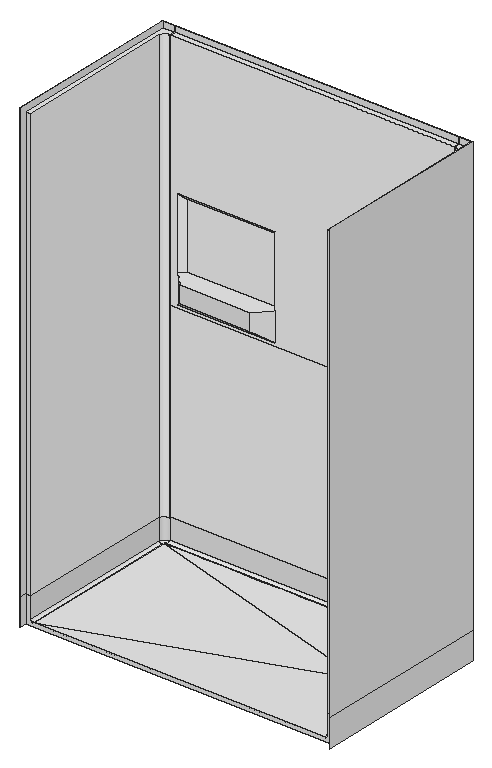
Revit family "5LDS5430E75T,E2T,E75B,E2B", category Plumbing Fixtures, Revit 2017
Family settings
  Round Connector Dimension = Use Diameter
  Part Type = Normal
  OmniClass Number = 23.45.05.14.17
  OmniClass Title = Showers
  Work Plane-Based = No
  Always vertical = Yes
  Cut with Voids When Loaded = No
  Shared = No
  Room Calculation Point = No
Parameters (values of type "5LDS5430E75B")
  Unit Width = 54"
  Unit Height = 81"
  Unit Depth = 31"
  URL = "http://www.bestbath.com/"
  Type Comments = "Barrier Free"
  Threshold Height = 3/4"
  Model = "5LDS5430E75B"
  Material [instance] = Best Bath Gelcoat Fiberglass - Diamond Tile
  Manufacturer = "Best Bath Systems, Inc."
  Keynote = "22 40 00.B3"
  Description = "Diamond Tile, Beveled Threshold"
  Assembly Code = "D2010710"
Types (5): name | Unit Height | URL | Threshold Height | Model | Description
  (no name) | 81" | "http://www.bestbath.com/" | 3/4" | "5LDS5430E75B" | "Diamond Tile, Beveled Threshold"
  5LDS5430E75B | 81" | "http://www.bestbath.com/" | 3/4" | "5LDS5430E75B" | "Diamond Tile, Beveled Threshold"
  5LDS5430E2B | 82 1/4" | "http://www.best-bath.com/" | 2" | "5LDS5430E2B" | "Diamond Tile, Beveled Threshold"
  5LDS5430E75T | 81" | "http://www.bestbath.com/" | 3/4" | "5LDS5430B75T" | "Diamond Tile, Traditional Bull Nose Threshold"
  5LDS5430E2T | 82 1/4" | "http://www.best-bath.com/" | 2" | "5LDS5430E2T" | "Diamond Tile, Traditional Bull Nose Threshold"
Reference planes (in)
  plane 1 "Back": y = -0.5
  plane 2: z = 0
  plane 3 "Left": x = 0
  plane 4: x = 54
  plane 5: y = -30.5
  plane 6: z = 80
  plane 7: z = 0.75
  plane 8: z = 81
  plane 9: y = -1.625
  plane 10: y = -14.5
  plane 11: z = 0.375
  plane 12: z = 4.75
  plane 13: z = 37.875
  plane 14: y = -31.5
  plane 15: z = 43.375
Forms (in)
  Extrusion 1, solid, material "Best Bath Gelcoat Fiberglass - Smooth"
    sketch origin (0, 0, 0) x (1, 0, 0) y (0, 1, 0)
      loop
        line (0, -0.5) -> (0, -30.5) -> (54, -30.5) -> (54, -0.5) -> (0, -0.5)
      loop
        circle (45.5, -14.5) r 2.0625
    from 0 to 0.75
  Extrusion 2, solid, material "Best Bath Gelcoat Fiberglass - Smooth"
    sketch origin (0, 0, 0) x (1, 0, 0) y (0, 1, 0)
      loop
        line (2.25, -0.5) -> (2.25, -1.625) -> (51.75, -1.625) -> (51.75, -0.5) -> (2.25, -0.5)
    from 4.75 to 37.875
  Extrusion 3, solid, material "Best Bath Gelcoat Fiberglass - Smooth"
    sketch origin (0, 0, 0) x (1, 0, 0) y (0, 1, 0)
      loop
        line (0, -30.5) -> (1.125, -30.5) -> (1.125, -2.625)
        arc (1.125, -2.625) -> (1.41789, -1.91789) -> (2.125, -1.625) r 1
        line (2.125, -1.625) -> (51.875, -1.625)
        arc (51.875, -1.625) -> (52.58211, -1.91789) -> (52.875, -2.625) r 1
        line (52.875, -2.625) -> (52.875, -30.5) -> (54, -30.5) -> (54, -0.5) -> (0, -0.5) -> (0, -30.5)
    from 0 to 4.75
  Extrusion 4, solid, material "Best Bath Gelcoat Fiberglass - Smooth"
    sketch origin (0, 0, 0) x (1, 0, 0) y (0, 1, 0)
      loop
        line (0, -30.5) -> (1.125, -30.5) -> (1.125, -2.625)
        arc (1.125, -2.625) -> (1.46356, -1.875) -> (2.25, -1.63284) r 1
        line (2.25, -1.63284) -> (2.25, -0.5) -> (0, -0.5) -> (0, -30.5)
      loop
        line (54, -30.5) -> (54, -0.5) -> (51.75, -0.5) -> (51.75, -1.63284)
        arc (51.75, -1.63284) -> (52.53644, -1.875) -> (52.875, -2.625) r 1
        line (52.875, -2.625) -> (52.875, -30.5) -> (54, -30.5)
    from 4.75 to 80
  Blend 5, void
    base sketch origin (0, 0, 0) x (1, 0, 0) y (0, 1, 0)
      loop
        line (1.75, -30.5) -> (52.25, -30.5) -> (52.25, -2.25) -> (1.75, -2.25) -> (1.75, -30.5)
    top sketch origin (0, 0, 0) x (1, 0, 0) y (0, 1, 0)
      loop
        circle (45.5, -14.5) r 0.07155
    from 0.75 to 0.375
  Extrusion 6, solid, material "Best Bath Gelcoat Fiberglass - Smooth"
    sketch origin (0, 0, 0) x (1, 0, 0) y (0, 1, 0)
      loop
        line (2.25, -0.5) -> (2.25, -1.625) -> (51.75, -1.625) -> (51.75, -0.5) -> (2.25, -0.5)
    from 37.875 to 80
  Extrusion 7, solid, material "Best Bath Gelcoat Fiberglass - Smooth"
    sketch origin (0, 0, 0) x (1, 0, 0) y (0, 1, 0)
      loop
        line (0, -31.5) -> (0.125, -31.5) -> (0.125, -30.5) -> (0, -30.5) -> (0, -31.5)
      loop
        line (54, -31.5) -> (54, -30.5) -> (53.875, -30.5) -> (53.875, -31.5) -> (54, -31.5)
    from 0 to 4.75
  Extrusion 8, solid, material "Best Bath Gelcoat Fiberglass - Smooth"
    sketch origin (0, 0, 0) x (1, 0, 0) y (0, 1, 0)
      loop
        line (0.125, -31.5) -> (0.125, -0.625) -> (2.25, -0.625) -> (2.25, -0.5) -> (0, -0.5) -> (0, -31.5) -> (0.125, -31.5)
      loop
        line (53.875, -31.5) -> (54, -31.5) -> (54, -0.5) -> (51.75, -0.5) -> (51.75, -0.625) -> (53.875, -0.625) -> (53.875, -31.5)
    from 4.75 to 81
  Extrusion 9, solid, material "Best Bath Gelcoat Fiberglass - Smooth"
    sketch origin (0, 0, 0) x (1, 0, 0) y (0, 1, 0)
      loop
        line (2.25, -0.625) -> (51.75, -0.625) -> (51.75, -0.5) -> (2.25, -0.5) -> (2.25, -0.625)
    from 80 to 81
  Blend 10, solid, material "Best Bath Gelcoat Fiberglass - Smooth"
    base sketch origin (-28.5, -38.5, 0) x (1, 0, 0) y (0, 0, 1)
      loop
        line (49, 43.375) -> (32, 43.375) -> (32, 38.375) -> (49, 38.375) -> (49, 43.375)
    top sketch origin (-28.5, -38.5, 0) x (1, 0, 0) y (0, 0, 1)
      loop
        line (34.375, 43.375) -> (34.375, 40.375) -> (46.625, 40.375) -> (46.625, 43.375) -> (34.375, 43.375)
    from -36.875 to -34.375
  Blend 11, void
    base sketch origin (-28.5, -38.5, 0) x (1, 0, 0) y (0, 0, 1)
      loop
        line (32, 43.375) -> (49, 43.375) -> (49, 55.625) -> (32, 55.625) -> (32, 43.375)
    top sketch origin (-28.5, -38.5, 0) x (1, 0, 0) y (0, 0, 1)
      loop
        line (32.875, 43.375) -> (48.125, 43.375) -> (48.125, 54.75) -> (32.875, 54.75) -> (32.875, 43.375)
    from -36.875 to -37.875
  Blend 12, void
    base sketch origin (82.5, -38.5, 0) x (-1, 0, 0) y (0, 0, -1)
      loop
        line (32, -43.375) -> (32, -55.625) -> (49, -55.625) -> (49, -43.375) -> (32, -43.375)
    top sketch origin (82.5, -38.5, 0) x (-1, 0, 0) y (0, 0, -1)
      loop
        line (32.875, -43.375) -> (32.875, -54.75) -> (48.125, -54.75) -> (48.125, -43.375) -> (32.875, -43.375)
    from -36.875 to -37.875
  Blend 13, solid, material "Best Bath Gelcoat Fiberglass - Smooth"
    base sketch origin (82.5, -38.5, 0) x (-1, 0, 0) y (0, 0, -1)
      loop
        line (49, -43.375) -> (49, -38.375) -> (32, -38.375) -> (32, -43.375) -> (49, -43.375)
    top sketch origin (82.5, -38.5, 0) x (-1, 0, 0) y (0, 0, -1)
      loop
        line (34.375, -43.375) -> (46.625, -43.375) -> (46.625, -40.375) -> (34.375, -40.375) -> (34.375, -43.375)
    from -36.875 to -34.375
  Sweep 14, solid, material "Best Bath Gelcoat Fiberglass - Smooth"
    path in 3D
      loop
        line (52.875, -30.5, 0.75) -> (52.875, -2.625, 0.75)
        arc (52.875, -2.625, 0.75) -> (52.58211, -1.91789, 0.75) -> (51.875, -1.625, 0.75) r 1
        line (51.875, -1.625, 0.75) -> (2.125, -1.625, 0.75)
        arc (2.125, -1.625, 0.75) -> (1.41789, -1.91789, 0.75) -> (1.125, -2.625, 0.75) r 1
        line (1.125, -2.625, 0.75) -> (1.125, -30.5, 0.75)
    profile origin (1.125, -16.5625, 0.75) x (1, 0, 0) y (0, 0, 1)
      loop
        line (0, 0) -> (0.375, 0)
        arc (0.375, 0) -> (0.10983, 0.10983) -> (0, 0.375) r 0.375
        line (0, 0.375) -> (0, 0)
Cuts and joins
  joined: Extrusion 4, Extrusion 8
  Blend 11, Blend 12 cuts Extrusion 6
  Blend 11, Blend 12 cuts Extrusion 9
  Blend 12 cuts Blend 10
  joined: Extrusion 6, Extrusion 9, Blend 10, Blend 13
  Blend 5 cuts Extrusion 1
  joined: Extrusion 1, Extrusion 3, Extrusion 7, Sweep 14
Lines and regions (in)
  sketch lines
    curve 1: line (1.125, -2.625, 0.75) -> (1.125, -30.5, 0.75)
    curve 2: arc (1.125, -2.625, 0.75) -> (1.41789, -1.91789, 0.75) -> (2.125, -1.625, 0.75) r 1
    curve 3: line (51.875, -1.625, 0.75) -> (2.125, -1.625, 0.75)
    curve 4: arc (51.875, -1.625, 0.75) -> (52.58211, -1.91789, 0.75) -> (52.875, -2.625, 0.75) r 1
    curve 5: line (52.875, -30.5, 0.75) -> (52.875, -2.625, 0.75)
Dimensions and locks (in)
  "Unit Width": plane 3 "Left" to plane 4
  "Threshold Height": plane 7 to level
  locked: plane 8 to plane 6 at 1
  "Unit Height": plane 8 to level
  locked: plane 1 "Back" to plane 10 at 14
  locked: plane 9 to plane 1 "Back" at 1.125
  locked: plane 7 to plane 11 at 0.375
  locked: plane 12 to plane 7 at 4
  locked: plane 13 to plane 12 at 33.125
  locked: plane 5 to plane 14 at 1
  "Unit Depth": plane 14 to plane 1 "Back"
  locked: plane 15 to plane 13 at 5.5
  Blend 5 sketch curve to cut or joined group of Extrusion 4, Extrusion 8 = 8 1/2"
  Extrusion 1 sketch curve to plane 4 = 8 1/2"
  aligned and locked: level to plane 2
  aligned and locked: Extrusion 1 to plane 7
  aligned and locked: plane 5 to Extrusion 1 sketch curve
  aligned and locked: plane 4 to Extrusion 1 sketch curve
  aligned and locked: Extrusion 2 sketch curve to Extrusion 1
  aligned and locked: Extrusion 2 sketch curve to plane 9
  aligned and locked: plane 10 to Extrusion 1 sketch curve
  aligned and locked: plane 12 to Extrusion 3
  aligned and locked: Extrusion 2 to plane 12
  aligned and locked: Extrusion 4 to Extrusion 2
  aligned and locked: plane 6 to Extrusion 4
  aligned and locked: plane 10 to Blend 5 sketch curve
  aligned and locked: Blend 5 to plane 11
  aligned and locked: Extrusion 1 to Blend 5
  aligned and locked: plane 13 to Extrusion 2
  aligned and locked: Extrusion 6 to Extrusion 2
  aligned and locked: plane 6 to Extrusion 6
  aligned and locked: Extrusion 7 to Extrusion 2
  aligned and locked: Extrusion 8 to Extrusion 2
  aligned and locked: plane 8 to Extrusion 8
  aligned and locked: Extrusion 9 to plane 6
  aligned and locked: plane 8 to Extrusion 9
  aligned and locked: plane 15 to Blend 10
  aligned and locked: cut or joined group of Extrusion 6, Extrusion 9, Blend 10, Blend 11, Blend 12, Blend 13 to plane 15
  aligned and locked: Blend 5 sketch curve to plane 5
  aligned and locked: Sweep 14 sketch curve to profile plane
Automatic sketch dimensions
  Extrusion 1 sketch curve to plane 3 "Left" = 0"
  plane 1 "Back" to Extrusion 1 sketch curve = 0"
  plane 3 "Left" to Extrusion 2 sketch curve = 2 1/4"
  plane 4 to Extrusion 2 sketch curve = 2 1/4"
  Extrusion 4 sketch curve to plane 3 "Left" = 0"
  Extrusion 4 sketch curve to plane 5 = 0"  (x2)
  plane 1 "Back" to Extrusion 4 sketch curve = 0"  (x2)
  Extrusion 4 sketch curve to plane 4 = 0"
  plane 3 "Left" to Extrusion 4 sketch curve = 1 1/8"
  Extrusion 4 sketch curve to Extrusion 4 sketch curve = 1"  (x2)
  Extrusion 4 sketch curve to Extrusion 4 sketch curve = 1/8"  (x2)
  Extrusion 4 sketch curve to Extrusion 4 sketch curve = 2 1/4"
  Extrusion 4 sketch curve to plane 9 = 1"  (x2)
  plane 1 "Back" to Extrusion 6 sketch curve = 0"
  Extrusion 6 sketch curve to plane 9 = 0"
  plane 3 "Left" to Extrusion 6 sketch curve = 2 1/4"
  plane 4 to Extrusion 6 sketch curve = 2 1/4"
  Extrusion 7 sketch curve to plane 3 "Left" = 0"
  Extrusion 7 sketch curve to plane 5 = 0"  (x2)
  Extrusion 7 sketch curve to plane 14 = 0"  (x2)
  Extrusion 7 sketch curve to plane 4 = 0"
  plane 3 "Left" to Extrusion 7 sketch curve = 1/8"
  plane 4 to Extrusion 7 sketch curve = 1/8"
  Extrusion 8 sketch curve to plane 3 "Left" = 0"
  Extrusion 8 sketch curve to plane 14 = 0"  (x2)
  plane 1 "Back" to Extrusion 8 sketch curve = 0"  (x2)
  Extrusion 8 sketch curve to plane 4 = 0"
  Extrusion 8 sketch curve to Extrusion 8 sketch curve = 1/8"
  Extrusion 8 sketch curve to Extrusion 8 sketch curve = 2 1/8"
  plane 1 "Back" to Extrusion 8 sketch curve = 1/8"  (x2)
  plane 4 to Extrusion 8 sketch curve = 2 1/4"
  plane 4 to Extrusion 8 sketch curve = 1/8"
  plane 1 "Back" to Extrusion 9 sketch curve = 0"
  plane 3 "Left" to Extrusion 9 sketch curve = 2 1/4"
  plane 4 to Extrusion 9 sketch curve = 2 1/4"
  plane 1 "Back" to Extrusion 9 sketch curve = 1/8"
  Blend 10 sketch curve to plane 15 = 0"  (x2)
  plane 3 "Left" to Blend 10 sketch curve = 3 1/2"
  plane 13 to Blend 10 sketch curve = 1/2"
  plane 13 to Blend 10 sketch curve = 2 1/2"
  plane 3 "Left" to Blend 10 sketch curve = 5 7/8"
  Blend 11 sketch curve to plane 15 = 0"  (x2)
  plane 3 "Left" to Blend 11 sketch curve = 3 1/2"
  Blend 11 sketch curve to Blend 11 sketch curve = 12 1/4"
  plane 3 "Left" to Blend 11 sketch curve = 4 3/8"
  Blend 11 sketch curve to Blend 11 sketch curve = 11 3/8"
  Blend 12 sketch curve to plane 15 = 0"  (x2)
  plane 4 to Blend 12 sketch curve = 3 1/2"
  Blend 12 sketch curve to Blend 12 sketch curve = 12 1/4"
  plane 4 to Blend 12 sketch curve = 4 3/8"
  Blend 12 sketch curve to Blend 12 sketch curve = 11 3/8"
  Blend 13 sketch curve to plane 15 = 0"  (x2)
  plane 4 to Blend 13 sketch curve = 3 1/2"
  plane 13 to Blend 13 sketch curve = 1/2"
  plane 13 to Blend 13 sketch curve = 2 1/2"
  plane 4 to Blend 13 sketch curve = 5 7/8"
  Extrusion 3 sketch curve to plane 3 "Left" = 0"
  Extrusion 3 sketch curve to plane 5 = 0"  (x2)
  Extrusion 3 sketch curve to plane 9 = 0"
  plane 1 "Back" to Extrusion 3 sketch curve = 0"
  Extrusion 3 sketch curve to plane 4 = 0"
  plane 3 "Left" to Extrusion 3 sketch curve = 1 1/8"
  Extrusion 3 sketch curve to plane 9 = 1"
  plane 4 to Extrusion 3 sketch curve = 2 1/8"
  Extrusion 3 sketch curve to Extrusion 3 sketch curve = 1 1/8"
  profile plane to Sweep 14 sketch curve = 0"
  Sweep 14 sketch curve to profile plane = 3/8"
  plane 3 "Left" to Blend 5 sketch curve = 1 3/4"
  plane 4 to Blend 5 sketch curve = 1 3/4"
  Blend 5 sketch curve to plane 9 = 5/8"
  Blend 10 sketch curve to Blend 10 sketch curve = 17"
  Blend 10 sketch curve to Blend 10 sketch curve = 12 1/4"
  Blend 11 sketch curve to Blend 11 sketch curve = 17"
  Blend 11 sketch curve to Blend 11 sketch curve = 15 1/4"
  Blend 12 sketch curve to Blend 12 sketch curve = 17"
  Blend 12 sketch curve to Blend 12 sketch curve = 15 1/4"
  Blend 13 sketch curve to Blend 13 sketch curve = 17"
  Blend 13 sketch curve to Blend 13 sketch curve = 12 1/4"
  radius of Extrusion 1 sketch curve = 2 1/16"
  radius of Blend 5 sketch curve = 0.07155"
